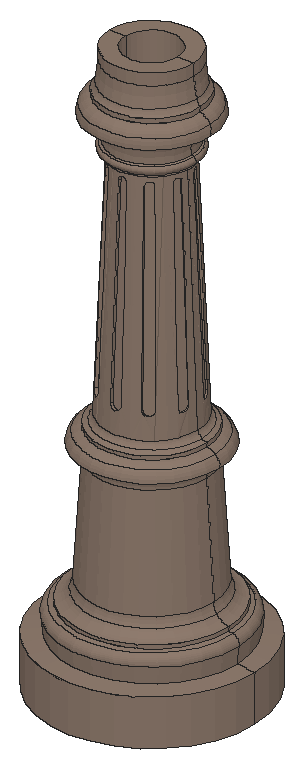
Revit family "CB0101", category Generic Models, Revit 2014
Parameters
  BASE = Bronze, Architectural
Reference planes (in)
  plane 1 "Center (Front/Back)": y = 0
  plane 2: z = 0
  plane 3 "Center (Left/Right)": x = 0
Forms (in)
  Revolve 1, solid, material "Bronze, Architectural" <- "BASE"
    sketch origin (0, 0, 0) x (1, 0, 0) y (0, 0, 1)
      loop
        line (-5.875, 2.625) -> (-5.875, 0) -> (0, 0) -> (0, 32.5) -> (-2.39, 32.5) -> (-2.39, 31.83927)
        arc (-2.39, 31.83927) -> (-2.42737, 31.28387) -> (-2.5388, 30.73849) r 4.14612
        arc (-2.5388, 30.73849) -> (-2.62085, 30.54306) -> (-2.75, 30.375) r 0.82492
        line (-2.75, 30.375) -> (-2.75, 30.125)
        arc (-2.75, 30.125) -> (-3.08036, 29.95937) -> (-3.28949, 29.65467) r 0.74027
        arc (-3.28949, 29.65467) -> (-3.36167, 29.39458) -> (-3.375, 29.125) r 1.22214
        arc (-3.375, 29.125) -> (-2.84989, 29.01826) -> (-2.42333, 28.69395) r 1.20216
        arc (-2.42333, 28.69395) -> (-2.26991, 28.23423) -> (-2.25, 27.75) r 1.73034
        line (-2.25, 27.75) -> (-2.37692, 27.69182)
        arc (-2.37692, 27.69182) -> (-2.5, 27.5) -> (-2.37692, 27.30818) r 0.21101
        line (-2.37692, 27.30818) -> (-2.25, 27.25) -> (-2.25, 27.125) -> (-2.0464, 27.125) -> (-2.625, 13.875)
        arc (-2.625, 13.875) -> (-2.69388, 13.66724) -> (-2.85498, 13.51906) r 0.43634
        line (-2.85498, 13.51906) -> (-3.125, 13.375) -> (-3.125, 13.1875)
        arc (-3.125, 13.1875) -> (-3.38214, 13.09819) -> (-3.60302, 12.9391) r 0.94208
        arc (-3.60302, 12.9391) -> (-3.78922, 12.68126) -> (-3.875, 12.375) r 0.9074
        arc (-3.875, 12.375) -> (-3.34467, 12.15533) -> (-3.125, 11.625) r 0.75
        line (-3.125, 11.625) -> (-3.50633, 5.39658)
        arc (-3.50633, 5.39658) -> (-3.56324, 5.12798) -> (-3.676, 4.87764) r 1.28281
        arc (-3.676, 4.87764) -> (-3.97643, 4.57964) -> (-4.375, 4.4375) r 0.97216
        line (-4.375, 4.4375) -> (-4.375, 4.25) -> (-4.62923, 4.17008)
        arc (-4.62923, 4.17008) -> (-4.89852, 3.96558) -> (-4.97607, 3.63645) r 0.5
        line (-4.97607, 3.63645) -> (-4.875, 2.75) -> (-5.875, 2.625)
      axis (0, 32.5) -> (0, 0)
    angle from 0 to 360
  Extrusion 2, void
    sketch origin (0, 0.91602, -0.10232) x (1, 0, 0) y (0, -0.043619, 0.999048)
      loop
        arc (0.25, 26.5639) -> (0, 26.81389) -> (-0.25, 26.5639) r 0.25
        line (-0.25, 26.5639) -> (-0.3125, 15.37675)
        arc (-0.3125, 15.37675) -> (0, 15.06425) -> (0.3125, 15.37675) r 0.3125
        line (0.3125, 15.37675) -> (0.25, 26.5639)
    from -2.86718 to -2.16583
  Extrusion 3, void
    sketch origin (0.53842, 0.74107, -0.10232) x (0.809017, -0.587785, 0) y (-0.025639, -0.035289, 0.999048)
      loop
        arc (0.25, 26.5639) -> (0, 26.81389) -> (-0.25, 26.5639) r 0.25
        line (-0.25, 26.5639) -> (-0.3125, 15.37675)
        arc (-0.3125, 15.37675) -> (0, 15.06425) -> (0.3125, 15.37675) r 0.3125
        line (0.3125, 15.37675) -> (0.25, 26.5639)
    from -2.86718 to -2.16583
  Extrusion 4, void
    sketch origin (0.87118, 0.28306, -0.10232) x (0.309017, -0.951057, 0) y (-0.041485, -0.013479, 0.999048)
      loop
        arc (0.25, 26.5639) -> (0, 26.81389) -> (-0.25, 26.5639) r 0.25
        line (-0.25, 26.5639) -> (-0.3125, 15.37675)
        arc (-0.3125, 15.37675) -> (0, 15.06425) -> (0.3125, 15.37675) r 0.3125
        line (0.3125, 15.37675) -> (0.25, 26.5639)
    from -2.86718 to -2.16583
  Extrusion 5, void
    sketch origin (0.87118, -0.28306, -0.10232) x (-0.309017, -0.951057, 0) y (-0.041485, 0.013479, 0.999048)
      loop
        arc (0.25, 26.5639) -> (0, 26.81389) -> (-0.25, 26.5639) r 0.25
        line (-0.25, 26.5639) -> (-0.3125, 15.37675)
        arc (-0.3125, 15.37675) -> (0, 15.06425) -> (0.3125, 15.37675) r 0.3125
        line (0.3125, 15.37675) -> (0.25, 26.5639)
    from -2.86718 to -2.16583
  Extrusion 6, void
    sketch origin (-0.53842, 0.74107, -0.10232) x (0.809017, 0.587785, 0) y (0.025639, -0.035289, 0.999048)
      loop
        arc (0.25, 26.5639) -> (0, 26.81389) -> (-0.25, 26.5639) r 0.25
        line (-0.25, 26.5639) -> (-0.3125, 15.37675)
        arc (-0.3125, 15.37675) -> (0, 15.06425) -> (0.3125, 15.37675) r 0.3125
        line (0.3125, 15.37675) -> (0.25, 26.5639)
    from -2.86718 to -2.16583
  Extrusion 7, void
    sketch origin (-0.87118, 0.28306, -0.10232) x (0.309017, 0.951057, 0) y (0.041485, -0.013479, 0.999048)
      loop
        arc (0.25, 26.5639) -> (0, 26.81389) -> (-0.25, 26.5639) r 0.25
        line (-0.25, 26.5639) -> (-0.3125, 15.37675)
        arc (-0.3125, 15.37675) -> (0, 15.06425) -> (0.3125, 15.37675) r 0.3125
        line (0.3125, 15.37675) -> (0.25, 26.5639)
    from -2.86718 to -2.16583
  Extrusion 8, void
    sketch origin (-0.87118, -0.28306, -0.10232) x (-0.309017, 0.951057, 0) y (0.041485, 0.013479, 0.999048)
      loop
        arc (0.25, 26.5639) -> (0, 26.81389) -> (-0.25, 26.5639) r 0.25
        line (-0.25, 26.5639) -> (-0.3125, 15.37675)
        arc (-0.3125, 15.37675) -> (0, 15.06425) -> (0.3125, 15.37675) r 0.3125
        line (0.3125, 15.37675) -> (0.25, 26.5639)
    from -2.86718 to -2.16583
  Extrusion 9, void
    sketch origin (-0.53842, -0.74107, -0.10232) x (-0.809017, 0.587785, 0) y (0.025639, 0.035289, 0.999048)
      loop
        arc (0.25, 26.5639) -> (0, 26.81389) -> (-0.25, 26.5639) r 0.25
        line (-0.25, 26.5639) -> (-0.3125, 15.37675)
        arc (-0.3125, 15.37675) -> (0, 15.06425) -> (0.3125, 15.37675) r 0.3125
        line (0.3125, 15.37675) -> (0.25, 26.5639)
    from -2.86718 to -2.16583
  Extrusion 10, void
    sketch origin (0.53842, -0.74107, -0.10232) x (-0.809017, -0.587785, 0) y (-0.025639, 0.035289, 0.999048)
      loop
        arc (0.25, 26.5639) -> (0, 26.81389) -> (-0.25, 26.5639) r 0.25
        line (-0.25, 26.5639) -> (-0.3125, 15.37675)
        arc (-0.3125, 15.37675) -> (0, 15.06425) -> (0.3125, 15.37675) r 0.3125
        line (0.3125, 15.37675) -> (0.25, 26.5639)
    from -2.86718 to -2.16583
  Extrusion 11, void
    sketch origin (0, -0.91602, -0.10232) x (-1, 0, 0) y (0, 0.043619, 0.999048)
      loop
        arc (0.25, 26.5639) -> (0, 26.81389) -> (-0.25, 26.5639) r 0.25
        line (-0.25, 26.5639) -> (-0.3125, 15.37675)
        arc (-0.3125, 15.37675) -> (0, 15.06425) -> (0.3125, 15.37675) r 0.3125
        line (0.3125, 15.37675) -> (0.25, 26.5639)
    from -2.86718 to -2.16583
  Revolve 12, void
    sketch origin (0, 0, 0) x (1, 0, 0) y (0, 0, 1)
      loop
        line (1.5, 32.5) -> (0, 32.5) -> (0, 27.60004) -> (1.5, 27.60004) -> (1.5, 32.5)
      axis (0, 32.5) -> (0, 27.60004)
    angle from 0 to 360
Cuts and joins
  Extrusion 2, Extrusion 3, Extrusion 4, Extrusion 5, Extrusion 6, Extrusion 7, Extrusion 8, Extrusion 9, Extrusion 10, Extrusion 11, Revolve 12 cuts Revolve 1
Dimensions and locks (in)
  aligned and locked: plane 2 to level
